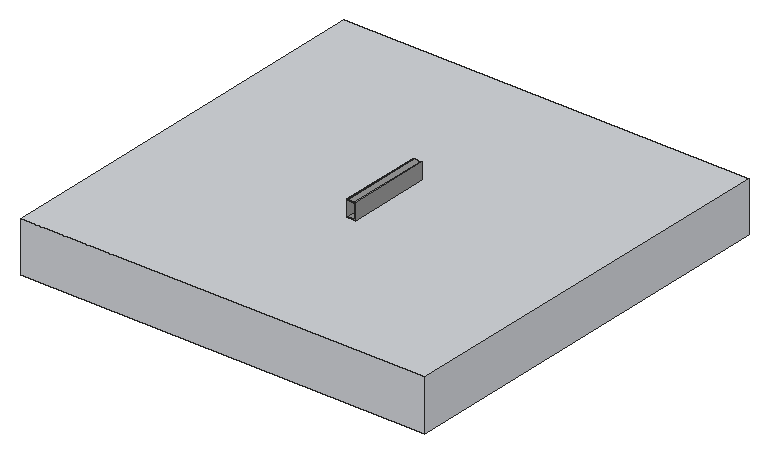
Revit family "LAMP_OCULT SUSPENDED PROFILE", category Luminarias, Revit 2015
Parameters (values of type "500mm Surface  BLACK")
  Weight = 0.838 kg
  Recessed dimensions = ""
  Protection rating = "IP20"
  Product datasheet = "http://www.lamp.es/product-files/TECH/OSSUPR500B-EN.pdf"
  Product code = "OSSUPR500B"
  Product URL = "https://www.lamp.es/en/family/ocult-system_367581"
  Modelo = Product code  # "OSSUPR500B"
  Model explanation = "Availability of changing profile version and height when placed in project."
  Material suspension = Panel de metal
  Material perfil = LAMP_Aluminio Ocult Pendular NG
  Manufacturer name = "LAMP"
  Manufacturer country = "Spain"
  Manufacturer URL = "http://www.lamp.es/en"
  Luminaire type = "Profile"
  Length = 500 mm
  Last update = "25/07/2019"
  Insulation class = "I"
  Installation instructions = "https://www.lamp.es/product-files/INS/1004420-A%20INSTR.OCULT%20SYSTEM%20PROFILE.pdf"
  IEE = "A+"
  Finish = "Matte black RAL 9011"
  Fabricante = Manufacturer name  # "LAMP"
  Default Elevation = 1219.2 mm
  Profile suspension height [instance] = 1 mm
  Dimensions = "500x53x96"
  Descripción = "OCULT SYS. ACC. SUR PROFILE 500 BK."
  Comentarios de tipo = Model explanation  # "Availability of changing profile version and height when placed in project."
Types (32, lengths in mm): name | Weight | Product datasheet | Product code | Modelo | Material perfil | Length | Finish | Dimensions | Descripción
  500mm Surface  BLACK | 0.838 kg | "http://www.lamp.es/product-files/TECH/OSSUPR500B-EN.pdf" | "OSSUPR500B" | "OSSUPR500B" | LAMP_Aluminio Ocult Pendular NG | 500 | "Matte black RAL 9011" | "500x53x96" | "OCULT SYS. ACC. SUR PROFILE 500 BK."
  500mm Surface  WHITE | 0.838 kg | "http://www.lamp.es/product-files/TECH/OSSUPR500W-EN.pdf" | "OSSUPR500W" | "OSSUPR500W" | LAMP_Aluminio Ocult Pendular BL | 500 | "Matte white RAL 9010" | "500x53x96" | "OCULT SYS. ACC. SUR PROFILE 500 WH."
  600mm Surface  BLACK | 1.026 kg | "http://www.lamp.es/product-files/TECH/OSSUPR600B-EN.pdf" | "OSSUPR600B" | "OSSUPR600B" | LAMP_Aluminio Ocult Pendular NG | 600 | "Matte black RAL 9011" | "600x53x96" | "OCULT SYS. ACC. SUR PROFILE 600 BK."
  600mm Surface  WHITE | 1.026 kg | "http://www.lamp.es/product-files/TECH/OSSUPR600W-EN.pdf" | "OSSUPR600W" | "OSSUPR600W" | LAMP_Aluminio Ocult Pendular BL | 600 | "Matte white RAL 9010" | "600x53x96" | "OCULT SYS. ACC. SUR PROFILE 600 WH."
  700mm Surface  BLACK | 1.346 kg | "http://www.lamp.es/product-files/TECH/OSSUPR700B-EN.pdf" | "OSSUPR700B" | "OSSUPR700B" | LAMP_Aluminio Ocult Pendular NG | 700 | "Matte black RAL 9011" | "700x53x96" | "OCULT SYS. ACC. SUR PROFILE 700 BK."
  700mm Surface  WHITE | 1.346 kg | "http://www.lamp.es/product-files/TECH/OSSUPR700W-EN.pdf" | "OSSUPR700W" | "OSSUPR700W" | LAMP_Aluminio Ocult Pendular BL | 700 | "Matte white RAL 9010" | "700x53x96" | "OCULT SYS. ACC. SUR PROFILE 700 WH."
  800mm Surface  BLACK | 1.534 kg | "http://www.lamp.es/product-files/TECH/OSSUPR800B-EN.pdf" | "OSSUPR800B" | "OSSUPR800B" | LAMP_Aluminio Ocult Pendular NG | 800 | "Matte black RAL 9011" | "800x53x96" | "OCULT SYS. ACC. SUR PROFILE 800 BK."
  800mm Surface  WHITE | 1.534 kg | "http://www.lamp.es/product-files/TECH/OSSUPR800W-EN.pdf" | "OSSUPR800W" | "OSSUPR800W" | LAMP_Aluminio Ocult Pendular BL | 800 | "Matte white RAL 9010" | "800x53x96" | "OCULT SYS. ACC. SUR PROFILE 800 WH."
  900mm Surface  BLACK | 1.722 kg | "http://www.lamp.es/product-files/TECH/OSSUPR900B-EN.pdf" | "OSSUPR900B" | "OSSUPR900B" | LAMP_Aluminio Ocult Pendular NG | 900 | "Matte black RAL 9011" | "900x53x96" | "OCULT SYS. ACC. SUR PROFILE 900 BK."
  900mm Surface  WHITE | 1.722 kg | "http://www.lamp.es/product-files/TECH/OSSUPR900W-EN.pdf" | "OSSUPR900W" | "OSSUPR900W" | LAMP_Aluminio Ocult Pendular BL | 900 | "Matte white RAL 9010" | "900x53x96" | "OCULT SYS. ACC. SUR PROFILE 900 WH."
  1000mm Surface  BLACK | 1.91 kg | "http://www.lamp.es/product-files/TECH/OSSUPR1000B-EN.pdf" | "OSSUPR1000B" | "OSSUPR1000B" | LAMP_Aluminio Ocult Pendular NG | 1000 | "Matte black RAL 9011" | "1000x53x96" | "OCULT SYS. ACC. SUR PROFILE 1000 BK."
  1000mm Surface  WHITE | 1.91 kg | "http://www.lamp.es/product-files/TECH/OSSUPR1000W-EN.pdf" | "OSSUPR1000W" | "OSSUPR1000W" | LAMP_Aluminio Ocult Pendular BL | 1000 | "Matte white RAL 9010" | "1000x53x96" | "OCULT SYS. ACC. SUR PROFILE 1000 WH."
  1100mm Surface  BLACK | 2.098 kg | "http://www.lamp.es/product-files/TECH/OSSUPR1100B-EN.pdf" | "OSSUPR1100B" | "OSSUPR1100B" | LAMP_Aluminio Ocult Pendular NG | 1100 | "Matte black RAL 9011" | "1100x53x96" | "OCULT SYS. ACC. SUR PROFILE 1100 BK."
  1100mm Surface  WHITE | 2.098 kg | "http://www.lamp.es/product-files/TECH/OSSUPR1100W-EN.pdf" | "OSSUPR1100W" | "OSSUPR1100W" | LAMP_Aluminio Ocult Pendular BL | 1100 | "Matte white RAL 9010" | "1100x53x96" | "OCULT SYS. ACC. SUR PROFILE 1100 WH."
  1200mm Surface  BLACK | 2.418 kg | "http://www.lamp.es/product-files/TECH/OSSUPR1200B-EN.pdf" | "OSSUPR1200B" | "OSSUPR1200B" | LAMP_Aluminio Ocult Pendular NG | 1200 | "Matte black RAL 9011" | "1200x53x96" | "OCULT SYS. ACC. SUR PROFILE 1200 BK."
  1200mm Surface  WHITE | 2.418 kg | "http://www.lamp.es/product-files/TECH/OSSUPR1200W-EN.pdf" | "OSSUPR1200W" | "OSSUPR1200W" | LAMP_Aluminio Ocult Pendular BL | 1200 | "Matte white RAL 9010" | "1200x53x96" | "OCULT SYS. ACC. SUR PROFILE 1200 WH."
  1300mm Surface  BLACK | 2.606 kg | "http://www.lamp.es/product-files/TECH/OSSUPR1300B-EN.pdf" | "OSSUPR1300B" | "OSSUPR1300B" | LAMP_Aluminio Ocult Pendular NG | 1300 | "Matte black RAL 9011" | "1300x53x96" | "OCULT SYS. ACC. SUR PROFILE 1300 BK."
  1300mm Surface  WHITE | 2.606 kg | "http://www.lamp.es/product-files/TECH/OSSUPR1300W-EN.pdf" | "OSSUPR1300W" | "OSSUPR1300W" | LAMP_Aluminio Ocult Pendular BL | 1300 | "Matte white RAL 9010" | "1300x53x96" | "OCULT SYS. ACC. SUR PROFILE 1300 WH"
  1400mm Surface  BLACK | 2.794 kg | "http://www.lamp.es/product-files/TECH/OSSUPR1400B-EN.pdf" | "OSSUPR1400B" | "OSSUPR1400B" | LAMP_Aluminio Ocult Pendular NG | 1400 | "Matte black RAL 9011" | "1400x53x96" | "OCULT SYS. ACC. SUR PROFILE 1400 BK."
  1400mm Surface  WHITE | 2.794 kg | "http://www.lamp.es/product-files/TECH/OSSUPR1400W-EN.pdf" | "OSSUPR1400W" | "OSSUPR1400W" | LAMP_Aluminio Ocult Pendular BL | 1400 | "Matte white RAL 9010" | "1400x53x96" | "OCULT SYS. ACC. SUR PROFILE 1400 WH."
  1500mm Surface  BLACK | 2.982 kg | "http://www.lamp.es/product-files/TECH/OSSUPR1500B-EN.pdf" | "OSSUPR1500B" | "OSSUPR1500B" | LAMP_Aluminio Ocult Pendular NG | 1500 | "Matte black RAL 9011" | "1500x53x96" | "OCULT SYS. ACC. SUR PROFILE 1500 BK."
  1500mm Surface  WHITE | 2.982 kg | "http://www.lamp.es/product-files/TECH/OSSUPR1500W-EN.pdf" | "OSSUPR1500W" | "OSSUPR1500W" | LAMP_Aluminio Ocult Pendular BL | 1500 | "Matte white RAL 9010" | "1500x53x96" | "OCULT SYS. ACC. SUR PROFILE 1500 WH."
  1600mm Surface  BLACK | 3.17 kg | "http://www.lamp.es/product-files/TECH/OSSUPR1600B-EN.pdf" | "OSSUPR1600B" | "OSSUPR1600B" | LAMP_Aluminio Ocult Pendular NG | 1600 | "Matte black RAL 9011" | "1600x53x96" | "OCULT SYS. ACC. SUR PROFILE 1600 BK."
  1600mm Surface  WHITE | 3.17 kg | "http://www.lamp.es/product-files/TECH/OSSUPR1600W-EN.pdf" | "OSSUPR1600W" | "OSSUPR1600W" | LAMP_Aluminio Ocult Pendular BL | 1600 | "Matte white RAL 9010" | "1600x53x96" | "OCULT SYS. ACC. SUR PROFILE 1600 WH."
  1700mm Surface  BLACK | 3.358 kg | "http://www.lamp.es/product-files/TECH/OSSUPR1700B-EN.pdf" | "OSSUPR1700B" | "OSSUPR1700B" | LAMP_Aluminio Ocult Pendular NG | 1700 | "Matte black RAL 9011" | "1700x53x96" | "OCULT SYS. ACC. SUR PROFILE 1700 BK."
  1700mm Surface  WHITE | 3.358 kg | "http://www.lamp.es/product-files/TECH/OSSUPR1700W-EN.pdf" | "OSSUPR1700W" | "OSSUPR1700W" | LAMP_Aluminio Ocult Pendular BL | 1700 | "Matte white RAL 9010" | "1700x53x96" | "OCULT SYS. ACC. SUR PROFILE 1700 WH."
  1800mm Surface  BLACK | 3.678 kg | "http://www.lamp.es/product-files/TECH/OSSUPR1800B-EN.pdf" | "OSSUPR1800B" | "OSSUPR1800B" | LAMP_Aluminio Ocult Pendular NG | 1800 | "Matte black RAL 9011" | "1800x53x96" | "OCULT SYS. ACC. SUR PROFILE 1800 BK."
  1800mm Surface  WHITE | 3.678 kg | "http://www.lamp.es/product-files/TECH/OSSUPR1800W-EN.pdf" | "OSSUPR1800W" | "OSSUPR1800W" | LAMP_Aluminio Ocult Pendular BL | 1800 | "Matte white RAL 9010" | "1800x53x96" | "OCULT SYS. ACC. SUR PROFILE 1800 WH."
  1900mm Surface  BLACK | 3.866 kg | "http://www.lamp.es/product-files/TECH/OSSUPR1900B-EN.pdf" | "OSSUPR1900B" | "OSSUPR1900B" | LAMP_Aluminio Ocult Pendular NG | 1900 | "Matte black RAL 9011" | "1900x53x96" | "OCULT SYS. ACC. SUR PROFILE 1900 BK."
  1900mm Surface  WHITE | 3.866 kg | "http://www.lamp.es/product-files/TECH/OSSUPR1900W-EN.pdf" | "OSSUPR1900W" | "OSSUPR1900W" | LAMP_Aluminio Ocult Pendular BL | 1900 | "Matte white RAL 9010" | "1900x53x96" | "OCULT SYS. ACC. SUR PROFILE 1900 WH."
  2000mm Surface  BLACK | 4.054 kg | "http://www.lamp.es/product-files/TECH/OSSUPR2000B-EN.pdf" | "OSSUPR2000B" | "OSSUPR2000B" | LAMP_Aluminio Ocult Pendular NG | 2000 | "Matte black RAL 9011" | "2000x53x96" | "OCULT SYS. ACC. SUR PROFILE 2000 BK."
  2000mm Surface  WHITE | 4.054 kg | "http://www.lamp.es/product-files/TECH/OSSUPR2000W-EN.pdf" | "OSSUPR2000W" | "OSSUPR2000W" | LAMP_Aluminio Ocult Pendular BL | 2000 | "Matte white RAL 9010" | "2000x53x96" | "OCULT SYS. ACC. SUR PROFILE 2000 WH."
Reference planes
  plane 1 "Centro (Frontal/Posterior)": y = 0
  plane 2: z = 0
  plane 3 "Centro (Izquierda/Derecha)": x = 0
  plane 4: z = 1
Forms (mm)
  Extrusion 1, solid
    sketch origin (0, 0, 0) x (1, 0, 0) y (0, 1, 0)
      loop
        line (-1219.2, 1219.2) -> (-1219.2, -1219.2) -> (1219.2, -1219.2) -> (1219.2, 1219.2) -> (-1219.2, 1219.2)
    from 0 to -304.8
  Extrusion 2, solid, material "LAMP_Aluminio Ocult Pendular NG" <- "Material perfil"
    sketch origin (0, 0, 0) x (1, 0, 0) y (0, 0, 1)
      loop
        line (-26.5, 1) -> (26.5, 1) -> (26.5, 97) -> (17, 97) -> (-16.9, 97) -> (-26.5, 97) -> (-26.5, 1)
      loop
        line (24.8, 2.7) -> (24.8, 95.3) -> (17, 95.3) -> (-16.9, 95.3) -> (-24.8, 95.3) -> (-24.8, 2.7) -> (24.8, 2.7)
    from -250 to 250
  Revolve 3, solid, material "Panel de metal" <- "Material suspension"
    sketch origin (0, 0, 0) x (1, 0, 0) y (0, 0, 1)
      loop
        line (0, 1) -> (0, 0) -> (2.5, 0) -> (2.5, 1) -> (0, 1)
      axis (0, 1) -> (0, 0)
    angle from 0 to 360
Text (mm)
  text "Any modification of the parameters and properties of the LAMP BIM models must be executed and validated by the LAMP technical department.\n\nPhone: +34 93 736 68 00\n\nE-mail: lamp@lamp.es\n\n\n\nLAMP reserves the right to modify the technical specifications of its products." at (13412.226, -16933.167, -15401.008), in view "Preview"
Dimensions and locks
  "Profile suspension height": plane 4 to Extrusion 1
  equal spacing: Extrusion 2, plane 1 "Centro (Frontal/Posterior)", Extrusion 2
  "Length": Extrusion 2 to Extrusion 2
  aligned and locked: plane 2 to Extrusion 1
  aligned and locked: level to Extrusion 1
  aligned and locked: Extrusion 1 to Revolve 3 sketch curve
  aligned and locked: plane 4 to Revolve 3
  aligned and locked: Extrusion 2 sketch curve to plane 4
Automatic sketch dimensions
  Extrusion 1 sketch curve to Extrusion 1 sketch curve = 2438.4 mm  (x2)
  Revolve 3 sketch curve to plane 3 "Centro (Izquierda/Derecha)" = 0 mm  (x2)
  Revolve 3 sketch curve to plane 4 = 0 mm
  plane 3 "Centro (Izquierda/Derecha)" to Revolve 3 sketch curve = 2.5 mm
  Revolve 3 sketch curve to level = 609.6 mm
  Revolve 3 sketch curve to Revolve 3 sketch curve = 2555.127 mm
  Extrusion 2 sketch curve to plane 3 "Centro (Izquierda/Derecha)" = 26.5 mm
  Extrusion 2 sketch curve to Extrusion 2 sketch curve = 1.7 mm  (x3)
  Extrusion 2 sketch curve to Extrusion 2 sketch curve = 7.9 mm
  plane 3 "Centro (Izquierda/Derecha)" to Extrusion 2 sketch curve = 17 mm
  plane 4 to Extrusion 2 sketch curve = 1.7 mm
  Extrusion 2 sketch curve to Extrusion 2 sketch curve = 92.6 mm
  Extrusion 2 sketch curve to Extrusion 2 sketch curve = 0 mm  (x2)
  Extrusion 2 sketch curve to Extrusion 2 sketch curve = 7.8 mm
Connectors
  electrical at (0, 0, 1)
    settings: on Extrusion 2, index 1, voltage 230 V, apparent load 0 VA, apparent load phase1 0 VA, apparent load phase2 0 VA, apparent load phase3 0 VA, power factor 1, load classification "Otro", number of poles 1, system type 31, power factor state 1, is connector primary yes, connector utility no, sub classification motor no, connector description ""
